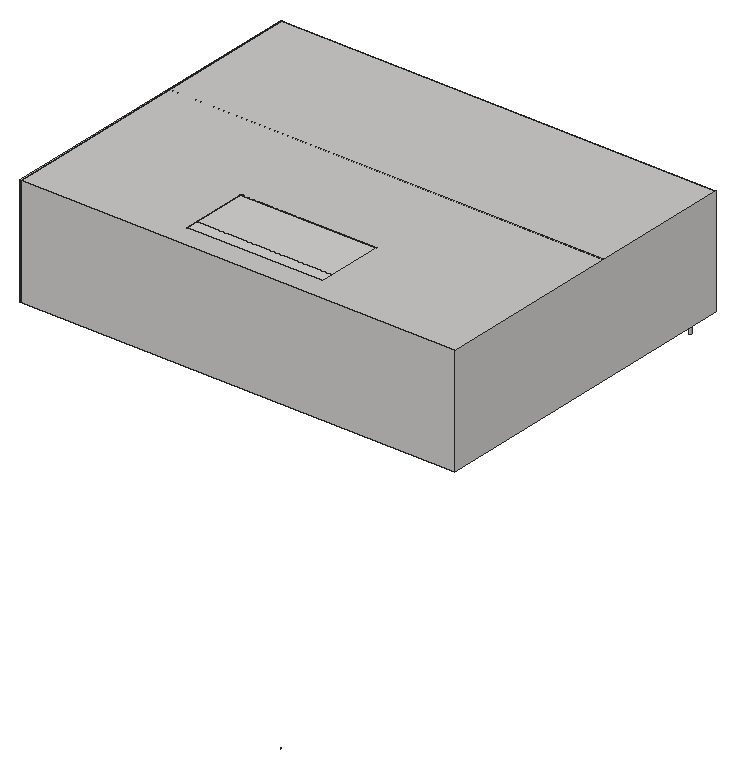
Revit family "QF_ELECTROLUXPROFESSIONAL_643321_DK1216", category Specialty Equipment, Revit 2014
Reference planes
  plane 1: z = 0
  plane 2 "Center (Left/Right)": x = 150
  plane 3 "LEFT": x = -650
  plane 4 "RIGHT": x = 950
  plane 5 "BACK": y = 550
  plane 6 "TOP": z = 2400
  plane 7 "Base": z = 2000
  plane 8: z = 1970
  plane 9 "DrainY": y = 450
  plane 10: x = -647
  plane 11: y = -320
  plane 12: y = -570
  plane 13 "DrainX": x = 937
  plane 14 "AOLeft2": x = 400
  plane 15: x = 947
  plane 16: x = -450
  plane 17: x = 750
  plane 18 "Center (Front/Back)": y = -50
  plane 19 "Front": y = -650
  plane 20 "AOLeft1": x = -100
Forms (mm)
  Extrusion 1, solid, material "QF_Finishes_Stainless Steel"
    sketch origin (-650, 0, 360) x (0, 1, 0) y (0, 0, 1)
      loop
        line (550, 1640) -> (550, 2040) -> (-650, 2040) -> (-650, 1640) -> (550, 1640)
    from 0 to 3
  Extrusion 2, solid, material "QF_Finishes_Stainless Steel"
    sketch origin (950, 0, 360) x (0, 1, 0) y (0, 0, 1)
      loop
        line (550, 1640) -> (550, 2040) -> (-650, 2040) -> (-650, 1640) -> (550, 1640)
    from 0 to -3
  Extrusion 3, solid, material "QF_Finishes_Stainless Steel"
    sketch origin (150, 0, 360) x (0, 1, 0) y (0, 0, 1)
      loop
        line (-650, 2040) -> (-650, 1640) -> (-640, 1640) -> (-640, 1640.8) -> (-649.2, 1640.8) -> (-649.2, 2039.19) -> (549.2, 2039.19) -> (549.2, 1640.8) -> (540, 1640.8) -> (540, 1640) -> (550, 1640) -> (550, 2040) -> (-650, 2040)
    from -800 to 800
  Extrusion 4, solid, material "QF_Finishes_Stainless Steel"
    sketch origin (0, 0, 2000) x (0, 1, 0) y (-1, 0, 0)
      loop
        circle (450, -937) r 4.763
    from -30 to 0
  Extrusion 5, void
    sketch origin (0, 0, 2400) x (0, 1, 0) y (-1, 0, 0)
      loop
        line (-320, -400) -> (-320, 100) -> (-570, 100) -> (-570, -400) -> (-320, -400)
    from 0 to -10
  Extrusion 6, solid, material "QF_Finishes_Stainless Steel"
    sketch origin (0, 0, 0) x (1, 0, 0) y (0, 1, 0)
      loop
        line (-650, 550) -> (-650, 549) -> (-649, 549) -> (-649, 550) -> (-650, 550)
    from 0 to 1
  Sweep 7, solid, material "QF_Finishes_Stainless Steel"
    path origin (0, 0, 0) x (1, 0, 0) y (0, 1, 0)
      loop
        line (950, 550) -> (-650, 550) -> (-650, -650) -> (950, -650) -> (950, 550)
    profile origin (950, -50, 0) x (1, 0, 0) y (0, 0, 1)
      loop
        line (-3, 2000) -> (-3, 2000.8) -> (-19, 2000.8) -> (-19, 2010) -> (-20, 2010) -> (-20, 2000) -> (-3, 2000)
  Extrusion 8, solid, material "QF_Finishes_Stainless Steel"
    sketch origin (150, 0, 0) x (0, 1, 0) y (0, 0, 1)
      loop
        line (35, 2399.19) -> (34.2, 2399.19) -> (34.2, 2329.838) -> (-320.309, 2254.485) -> (-614.003, 2066.672) -> (-614.003, 2000.8) -> (-613.203, 2000.8) -> (-613.203, 2066.234) -> (-320, 2253.732) -> (35, 2329.19) -> (35, 2399.19)
    from -797 to 797
Cuts and joins
  Extrusion 5 cuts Extrusion 3
  joined: Extrusion 2, Extrusion 3, Sweep 7
Lines and regions (mm)
  symbolic lines, style "SpecialityEquipment", detail levels coarse
    curve 1: line (950, 550, 2400) -> (-650, 550, 2400)
    curve 2: line (-650, 550, 2400) -> (-650, -650, 2400)
    curve 3: line (950, -650, 2400) -> (950, 550, 2400)
    curve 4: line (-650, 550, 0) -> (950, -650, 0)
    curve 5: line (950, 550, 0) -> (-650, -650, 0)
    curve 6: line (-650, -650, 0) -> (950, -650, 0)
  symbolic lines, detail levels coarse
    curve 7: line (-100, -570, 0) -> (400, -570, 0)
    curve 8: line (-100, -320, 0) -> (-100, -570, 0)
    curve 9: line (400, -320, 0) -> (-100, -320, 0)
    curve 10: line (400, -570, 0) -> (400, -320, 0)
Dimensions and locks
  plane 3 "LEFT" to plane 4 "RIGHT" = 1600 mm
  equal spacing: plane 3 "LEFT", plane 2 "Center (Left/Right)", plane 4 "RIGHT"
  plane 7 "Base" to plane 8 = 30 mm
  plane 5 "BACK" to plane 9 "DrainY" = 100 mm  (x2)
  plane 3 "LEFT" to plane 10 = 3 mm
  plane 13 "DrainX" to plane 4 "RIGHT" = 13 mm
  plane 15 to plane 4 "RIGHT" = 3 mm
  plane 3 "LEFT" to plane 16 = 200 mm
  plane 17 to plane 4 "RIGHT" = 200 mm
  locked: plane 7 "Base" to level at 2000
  locked: plane 6 "TOP" to plane 7 "Base" at 400
  plane 5 "BACK" to plane 19 "Front" = 1200 mm  (x2)
  equal spacing: plane 5 "BACK", plane 18 "Center (Front/Back)", plane 19 "Front"
  plane 12 to plane 19 "Front" = 80 mm
  locked: plane 11 to plane 12 at 250
  locked: plane 20 "AOLeft1" to plane 14 "AOLeft2" at 500
  equal spacing: plane 20 "AOLeft1", plane 2 "Center (Left/Right)", plane 14 "AOLeft2"
  aligned and locked: level to plane 1
  aligned and locked: plane 4 "RIGHT" to Extrusion 3
  aligned and locked: Extrusion 3 to plane 3 "LEFT"
  aligned and locked: Extrusion 5 to plane 12
  aligned and locked: Extrusion 5 to plane 11
  aligned and locked: Extrusion 2 to plane 15
  aligned and locked: Extrusion 8 to plane 10
  aligned and locked: plane 15 to Extrusion 8
  aligned and locked: Extrusion 5 to plane 20 "AOLeft1"
  aligned and locked: Extrusion 5 to plane 14 "AOLeft2"
Automatic sketch dimensions
  Extrusion 1 sketch curve to plane 7 "Base" = 0 mm
  Extrusion 1 sketch curve to plane 19 "Front" = 0 mm
  Extrusion 1 sketch curve to plane 5 "BACK" = 0 mm
  Extrusion 1 sketch curve to plane 6 "TOP" = 0 mm
  Extrusion 2 sketch curve to plane 7 "Base" = 0 mm
  Extrusion 2 sketch curve to plane 19 "Front" = 0 mm
  Extrusion 2 sketch curve to plane 5 "BACK" = 0 mm
  Extrusion 2 sketch curve to plane 6 "TOP" = 0 mm
  Extrusion 3 sketch curve to plane 6 "TOP" = 0 mm
  Extrusion 3 sketch curve to plane 19 "Front" = 0 mm
  Extrusion 3 sketch curve to plane 7 "Base" = 0 mm  (x2)
  Extrusion 3 sketch curve to plane 5 "BACK" = 0 mm
  plane 19 "Front" to Extrusion 3 sketch curve = 0.8 mm
  Extrusion 3 sketch curve to Extrusion 3 sketch curve = 9.2 mm
  plane 7 "Base" to Extrusion 3 sketch curve = 0.8 mm  (x2)
  Extrusion 3 sketch curve to plane 5 "BACK" = 10 mm
  Extrusion 3 sketch curve to plane 5 "BACK" = 0.8 mm
  Extrusion 3 sketch curve to plane 6 "TOP" = 0.81 mm
  Extrusion 4 sketch curve to plane 9 "DrainY" = 0 mm
  Extrusion 4 sketch curve to plane 13 "DrainX" = 0 mm
  Extrusion 5 sketch curve to plane 12 = 0 mm
  plane 11 to Extrusion 5 sketch curve = 0 mm
  Extrusion 5 sketch curve to plane 14 "AOLeft2" = 0 mm
  Extrusion 5 sketch curve to plane 20 "AOLeft1" = 0 mm
  Extrusion 6 sketch curve to plane 3 "LEFT" = 0 mm
  Extrusion 6 sketch curve to plane 5 "BACK" = 0 mm
  plane 3 "LEFT" to Extrusion 6 sketch curve = 1 mm
  Extrusion 6 sketch curve to Extrusion 6 sketch curve = 1 mm
  Sweep 7 sketch curve to plane 3 "LEFT" = 0 mm
  Sweep 7 sketch curve to plane 4 "RIGHT" = 0 mm
  Sweep 7 sketch curve to plane 19 "Front" = 0 mm
  Sweep 7 sketch curve to plane 5 "BACK" = 0 mm
  profile plane to Sweep 7 sketch curve = 20 mm
  Sweep 7 sketch curve to Sweep 7 sketch curve = 1 mm
  profile plane to Sweep 7 sketch curve = 3 mm
  level to Sweep 7 sketch curve = 2000 mm
  Sweep 7 sketch curve to Sweep 7 sketch curve = 0.8 mm
  Sweep 7 sketch curve to Sweep 7 sketch curve = 9.2 mm
  curve 5 to plane 3 "LEFT" = 0 mm
  curve 4 to plane 3 "LEFT" = 0 mm
  curve 6 to plane 19 "Front" = 0 mm
  curve 5 to plane 4 "RIGHT" = 0 mm
  curve 6 to plane 4 "RIGHT" = 0 mm
  curve 5 to plane 5 "BACK" = 0 mm
  curve 4 to plane 5 "BACK" = 0 mm
  curve 2 to plane 3 "LEFT" = 0 mm
  curve 2 to plane 19 "Front" = 0 mm
  curve 3 to plane 4 "RIGHT" = 0 mm
  curve 3 to plane 19 "Front" = 0 mm
  curve 2 to plane 5 "BACK" = 0 mm
  Extrusion 8 sketch curve to plane 11 = 0 mm
  plane 11 to Extrusion 8 sketch curve = 0.309 mm
  plane 7 "Base" to Extrusion 8 sketch curve = 0.8 mm
  plane 19 "Front" to Extrusion 8 sketch curve = 36.797 mm
  Extrusion 8 sketch curve to Extrusion 8 sketch curve = 0.8 mm  (x2)
  plane 18 "Center (Front/Back)" to Extrusion 8 sketch curve = 84.2 mm
  Extrusion 8 sketch curve to Extrusion 8 sketch curve = 65.434 mm
  Extrusion 8 sketch curve to plane 6 "TOP" = 146.268 mm
  Extrusion 8 sketch curve to Extrusion 8 sketch curve = 0.752 mm
  Extrusion 8 sketch curve to plane 6 "TOP" = 70.81 mm
  Extrusion 8 sketch curve to Extrusion 8 sketch curve = 0.648 mm
  Extrusion 8 sketch curve to Extrusion 8 sketch curve = 0.438 mm
  Extrusion 8 sketch curve to plane 6 "TOP" = 0.81 mm
  curve 7 to plane 12 = 0 mm
  curve 7 to plane 20 "AOLeft1" = 0 mm
  plane 11 to curve 8 = 0 mm
  curve 9 to plane 14 "AOLeft2" = 0 mm
  radius of Extrusion 4 sketch curve = 4.763 mm
Connectors
  piping at (937, 450, 1970), diameter 9.5
    settings: on Extrusion 4, index 1, connector inside diameter 609.6 mm, connector length 0 mm, flow factor 0, pipe flow 0.0 L/s, pressure drop 0.0 Pa, fitting loss kfactor 0, connector angle 0.00°, fixture units 0, engagement length 0 mm, angle of deflection 0.00°, flow configuration 1, flow direction 2, fitting loss method 0, system type 16, joint type 0, gender type 0, connector reference index -1, connector utility 0, adjustable connector no, is connector primary yes, connector description "Drain"
  hvac at (150, -445, 2400)
    settings: on Extrusion 5, index 2, duct flow 0.0 L/s, flow factor 0, pres drop 0.0 Pa, loss coef 0, conn angle 0.00°, conn width 250 mm, conn height 500 mm, conn diameter 609.6 mm, duct sys type 3, conn prof type 1, flow config 1, flow direction 2, loss method 0, conn ref index -1, conn util no, is conn primary yes, conn desc "EXHAUST OUTLET"
